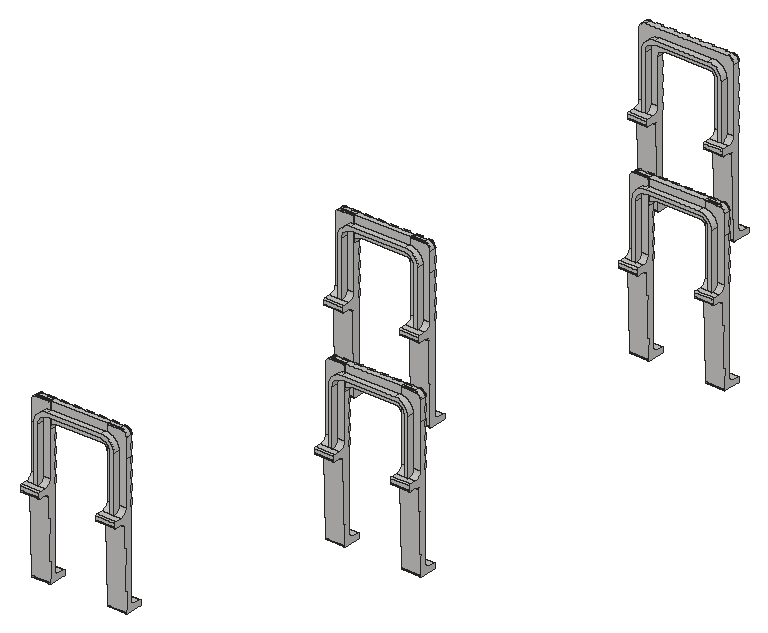
Revit family "TSF‐___‐DSD‐IRON‐SI_B0 (LOD500)", category Generic Models, host Face, Revit 2018
Family settings
  Host = Face
  Can host rebar = No
  Round Connector Dimension = Use Diameter
  Part Type = Normal
  Cut with Voids When Loaded = No
  Shared = No
  Room Calculation Point = No
Parameters (values of type "Left Hand Side")
  RHS = no
  NumberofRHS1 [instance] = (MinDepth - 650 mm) / 600 mm  # 2
  NumberofRHS [instance] = (MDepth - 650 mm) / 600 mm + 1  # 3
  NumberofLHS-1 [instance] = (MinDepth - 650 mm) / 600 mm  # 2
  NumberofLHS [instance] = (MDepth - 650 mm) / 600 mm + 1  # 3
  MDepth [instance] = MinDepth - 300 mm  # 1550 mm
  LHS = yes
  MinDepth [instance] = if(Depth < 1800 mm, 1800 mm, if(Depth > 5000 mm, 5000 mm, Depth))  # 1850 mm
  Depth [instance] = 1850 mm
  Default Elevation = 1219.2 mm
  DSD.Com.Material = "Stainless Steel"
  DSD.Com.Installed Date [instance] = "01/05/2019"
  DSD.Com.Commission Date [instance] = "01/01/2018"
  DSD.Com.CAT Code = "TSF"
  DSD.Com.Asset Code [instance] = ""
Reference planes
  plane 1 "Center (Front/Back)": y = 0
  plane 2: z = 0
  plane 3 "Center (Left/Right)": x = 0
  plane 4: x = 100
  plane 5 "LHS": x = -100
  plane 6 "Thickness": y = -8
Forms (mm)
  Extrusion 1, solid, material "Stainless Steel", visible <- "RHS"
    sketch origin (175, -8, 0) x (0, 0, 1) y (1, 0, 0)
      loop
        line (97, 63) -> (0, 63) -> (0, 57) -> (97, 57)
        arc (97, 57) -> (107.607, 52.607) -> (112, 42) r 15
        line (112, 42) -> (112, -42)
        arc (112, -42) -> (107.607, -52.607) -> (97, -57) r 15
        line (97, -57) -> (0, -57) -> (0, -63) -> (97, -63)
        arc (97, -63) -> (111.849, -56.849) -> (118, -42) r 21
        line (118, -42) -> (118, 42)
        arc (118, 42) -> (111.849, 56.849) -> (97, 63) r 21
    from -10 to 0
  Extrusion 2, solid, material "Stainless Steel", visible <- "RHS"
    sketch origin (175, -8, 0) x (0, 0, 1) y (1, 0, 0)
      loop
        line (20, 75) -> (20, 73.5)
        arc (20, 73.5) -> (20.146, 73.146) -> (20.5, 73) r 0.5
        line (20.5, 73) -> (29.5, 73)
        arc (29.5, 73) -> (29.854, 73.146) -> (30, 73.5) r 0.5
        line (30, 73.5) -> (30, 75) -> (20, 75)
      loop
        line (40, 75) -> (40, 73.5)
        arc (40, 73.5) -> (40.146, 73.146) -> (40.5, 73) r 0.5
        line (40.5, 73) -> (49.5, 73)
        arc (49.5, 73) -> (49.854, 73.146) -> (50, 73.5) r 0.5
        line (50, 73.5) -> (50, 75) -> (40, 75)
      loop
        line (60, 75) -> (60, 73.5)
        arc (60, 73.5) -> (60.146, 73.146) -> (60.5, 73) r 0.5
        line (60.5, 73) -> (69.5, 73)
        arc (69.5, 73) -> (69.854, 73.146) -> (70, 73.5) r 0.5
        line (70, 73.5) -> (70, 75) -> (60, 75)
      loop
        line (80, 75) -> (80, 73.5)
        arc (80, 73.5) -> (80.146, 73.146) -> (80.5, 73) r 0.5
        line (80.5, 73) -> (89.492, 73)
        arc (89.492, 73) -> (89.851, 73.149) -> (90, 73.508) r 0.508
        line (90, 73.508) -> (90, 75) -> (80, 75)
      loop
        line (100, 75) -> (100, 73.5)
        arc (100, 73.5) -> (100.146, 73.146) -> (100.5, 73) r 0.5
        line (100.5, 73) -> (109.5, 73)
        arc (109.5, 73) -> (109.854, 73.146) -> (110, 73.5) r 0.5
        line (110, 73.5) -> (110, 75) -> (100, 75)
      loop
        arc (120, 73.528) -> (120.148, 73.155) -> (120.511, 72.984) r 0.546
        arc (120.511, 72.984) -> (125.835, 70.473) -> (128, 65) r 8
        line (128, 65) -> (130, 65)
        arc (130, 65) -> (127.071, 72.071) -> (120, 75) r 10
        line (120, 75) -> (120, 73.528)
      loop
        line (130, 45) -> (130, 55) -> (128.5, 55)
        arc (128.5, 55) -> (128.146, 54.854) -> (128, 54.5) r 0.5
        line (128, 54.5) -> (128, 45.5)
        arc (128, 45.5) -> (128.146, 45.146) -> (128.5, 45) r 0.5
        line (128.5, 45) -> (130, 45)
      loop
        line (130, 25) -> (130, 35) -> (128.5, 35)
        arc (128.5, 35) -> (128.146, 34.854) -> (128, 34.5) r 0.5
        line (128, 34.5) -> (128, 25.5)
        arc (128, 25.5) -> (128.146, 25.146) -> (128.5, 25) r 0.5
        line (128.5, 25) -> (130, 25)
      loop
        line (130, 5) -> (130, 15) -> (128.5, 15)
        arc (128.5, 15) -> (128.146, 14.854) -> (128, 14.5) r 0.5
        line (128, 14.5) -> (128, 5.5)
        arc (128, 5.5) -> (128.146, 5.146) -> (128.5, 5) r 0.5
        line (128.5, 5) -> (130, 5)
      loop
        line (130, -15) -> (130, -5) -> (128.5, -5)
        arc (128.5, -5) -> (128.146, -5.146) -> (128, -5.5) r 0.5
        line (128, -5.5) -> (128, -14.5)
        arc (128, -14.5) -> (128.146, -14.854) -> (128.5, -15) r 0.5
        line (128.5, -15) -> (130, -15)
      loop
        line (130, -35) -> (130, -25) -> (128.5, -25)
        arc (128.5, -25) -> (128.146, -25.146) -> (128, -25.5) r 0.5
        line (128, -25.5) -> (128, -34.5)
        arc (128, -34.5) -> (128.146, -34.854) -> (128.5, -35) r 0.5
        line (128.5, -35) -> (130, -35)
      loop
        line (130, -55) -> (130, -45) -> (128.5, -45)
        arc (128.5, -45) -> (128.146, -45.146) -> (128, -45.5) r 0.5
        line (128, -45.5) -> (128, -54.5)
        arc (128, -54.5) -> (128.146, -54.854) -> (128.5, -55) r 0.5
        line (128.5, -55) -> (130, -55)
      loop
        line (120, -73.508) -> (120, -75)
        arc (120, -75) -> (127.071, -72.071) -> (130, -65) r 10
        line (130, -65) -> (128.515, -65)
        arc (128.515, -65) -> (128.151, -65.144) -> (127.984, -65.499) r 0.532
        arc (127.984, -65.499) -> (125.655, -70.659) -> (120.492, -72.985) r 8
        arc (120.492, -72.985) -> (120.142, -73.149) -> (120, -73.508) r 0.525
      loop
        line (100, -75) -> (110, -75) -> (110, -73.5)
        arc (110, -73.5) -> (109.854, -73.146) -> (109.5, -73) r 0.5
        line (109.5, -73) -> (100.5, -73)
        arc (100.5, -73) -> (100.146, -73.146) -> (100, -73.5) r 0.5
        line (100, -73.5) -> (100, -75)
      loop
        line (80, -75) -> (90, -75) -> (90, -73.5)
        arc (90, -73.5) -> (89.854, -73.146) -> (89.5, -73) r 0.5
        line (89.5, -73) -> (80.5, -73)
        arc (80.5, -73) -> (80.146, -73.146) -> (80, -73.5) r 0.5
        line (80, -73.5) -> (80, -75)
      loop
        line (60, -75) -> (71.013, -75) -> (71.013, -73.5)
        arc (71.013, -73.5) -> (70.866, -73.146) -> (70.513, -73) r 0.5
        line (70.513, -73) -> (60.5, -73)
        arc (60.5, -73) -> (60.146, -73.146) -> (60, -73.5) r 0.5
        line (60, -73.5) -> (60, -75)
      loop
        line (40, -75) -> (50, -75) -> (50, -73.5)
        arc (50, -73.5) -> (49.854, -73.146) -> (49.5, -73) r 0.5
        line (49.5, -73) -> (40.5, -73)
        arc (40.5, -73) -> (40.146, -73.146) -> (40, -73.5) r 0.5
        line (40, -73.5) -> (40, -75)
      loop
        line (20, -75) -> (30, -75) -> (30, -73.5)
        arc (30, -73.5) -> (29.854, -73.146) -> (29.5, -73) r 0.5
        line (29.5, -73) -> (20.5, -73)
        arc (20.5, -73) -> (20.146, -73.146) -> (20, -73.5) r 0.5
        line (20, -73.5) -> (20, -75)
      loop
        line (10, -47) -> (19.5, -47)
        arc (19.5, -47) -> (19.854, -46.854) -> (20, -46.5) r 0.5
        line (20, -46.5) -> (20, -45) -> (10, -45) -> (10, -47)
      loop
        line (30, -45) -> (30, -46.5)
        arc (30, -46.5) -> (30.146, -46.854) -> (30.5, -47) r 0.5
        line (30.5, -47) -> (39.5, -47)
        arc (39.5, -47) -> (39.854, -46.854) -> (40, -46.5) r 0.5
        line (40, -46.5) -> (40, -45) -> (30, -45)
      loop
        line (50, -45) -> (50, -46.5)
        arc (50, -46.5) -> (50.146, -46.854) -> (50.5, -47) r 0.5
        line (50.5, -47) -> (59.5, -47)
        arc (59.5, -47) -> (59.854, -46.854) -> (60, -46.5) r 0.5
        line (60, -46.5) -> (60, -45) -> (50, -45)
      loop
        line (71.097, -45) -> (71.097, -46.5)
        arc (71.097, -46.5) -> (71.244, -46.854) -> (71.597, -47) r 0.5
        line (71.597, -47) -> (79.5, -47)
        arc (79.5, -47) -> (79.854, -46.854) -> (80, -46.5) r 0.5
        line (80, -46.5) -> (80, -45) -> (71.097, -45)
      loop
        arc (95.528, -45.651) -> (95.774, -45.36) -> (95.746, -44.98) r 0.502
        line (95.746, -44.98) -> (95.067, -43.621)
        arc (95.067, -43.621) -> (92.626, -44.649) -> (90, -45) r 10
        line (90, -45) -> (90, -46.489)
        arc (90, -46.489) -> (90.154, -46.85) -> (90.522, -46.989) r 0.5
        arc (90.522, -46.989) -> (93.098, -46.593) -> (95.528, -45.651) r 12
      loop
        arc (100, -35) -> (99.671, -37.543) -> (98.707, -39.918) r 10
        line (98.707, -39.918) -> (100.107, -40.519)
        arc (100.107, -40.519) -> (100.494, -40.529) -> (100.781, -40.269) r 0.521
        arc (100.781, -40.269) -> (101.63, -37.958) -> (101.989, -35.522) r 12
        arc (101.989, -35.522) -> (101.85, -35.154) -> (101.489, -35) r 0.5
        line (101.489, -35) -> (100, -35)
      loop
        line (100, -25) -> (101.5, -25)
        arc (101.5, -25) -> (101.854, -24.854) -> (102, -24.5) r 0.5
        line (102, -24.5) -> (102, -15.5)
        arc (102, -15.5) -> (101.854, -15.146) -> (101.5, -15) r 0.5
        line (101.5, -15) -> (100, -15) -> (100, -25)
      loop
        line (100, -5) -> (101.5, -5)
        arc (101.5, -5) -> (101.854, -4.854) -> (102, -4.5) r 0.5
        line (102, -4.5) -> (102, 4.5)
        arc (102, 4.5) -> (101.854, 4.854) -> (101.5, 5) r 0.5
        line (101.5, 5) -> (100, 5) -> (100, -5)
      loop
        line (100, 15) -> (101.5, 15)
        arc (101.5, 15) -> (101.854, 15.146) -> (102, 15.5) r 0.5
        line (102, 15.5) -> (102, 24.5)
        arc (102, 24.5) -> (101.854, 24.854) -> (101.5, 25) r 0.5
        line (101.5, 25) -> (100, 25) -> (100, 15)
      loop
        line (10, 47) -> (10, 45) -> (20, 45) -> (20, 46.5)
        arc (20, 46.5) -> (19.854, 46.854) -> (19.5, 47) r 0.5
        line (19.5, 47) -> (10, 47)
      loop
        line (30, 45) -> (40, 45) -> (40, 46.5)
        arc (40, 46.5) -> (39.854, 46.854) -> (39.5, 47) r 0.5
        line (39.5, 47) -> (30.5, 47)
        arc (30.5, 47) -> (30.146, 46.854) -> (30, 46.5) r 0.5
        line (30, 46.5) -> (30, 45)
      loop
        line (50, 45) -> (60, 45) -> (60, 46.5)
        arc (60, 46.5) -> (59.854, 46.854) -> (59.5, 47) r 0.5
        line (59.5, 47) -> (50.5, 47)
        arc (50.5, 47) -> (50.146, 46.854) -> (50, 46.5) r 0.5
        line (50, 46.5) -> (50, 45)
      loop
        line (70, 45) -> (80, 45) -> (80, 46.5)
        arc (80, 46.5) -> (79.854, 46.854) -> (79.5, 47) r 0.5
        line (79.5, 47) -> (70.5, 47)
        arc (70.5, 47) -> (70.146, 46.854) -> (70, 46.5) r 0.5
        line (70, 46.5) -> (70, 45)
      loop
        arc (100.495, 40.818) -> (100.182, 41.061) -> (99.79, 41.004) r 0.505
        line (99.79, 41.004) -> (98.525, 40.228)
        arc (98.525, 40.228) -> (99.624, 37.716) -> (100, 35) r 10
        line (100, 35) -> (101.489, 35)
        arc (101.489, 35) -> (101.85, 35.154) -> (101.989, 35.522) r 0.5
        arc (101.989, 35.522) -> (101.55, 38.257) -> (100.495, 40.818) r 12
      loop
        arc (90, 45) -> (92.484, 44.687) -> (94.812, 43.766) r 10
        line (94.812, 43.766) -> (95.62, 44.978)
        arc (95.62, 44.978) -> (95.687, 45.382) -> (95.43, 45.701) r 0.5
        arc (95.43, 45.701) -> (93.045, 46.607) -> (90.522, 46.989) r 12
        arc (90.522, 46.989) -> (90.154, 46.85) -> (90, 46.489) r 0.5
        line (90, 46.489) -> (90, 45)
    from 8 to 10
  Extrusion 3, solid, material "Stainless Steel", visible <- "RHS"
    sketch origin (175, -8, 0) x (0, 0, 1) y (0, 1, 0)
      loop
        arc (-130, 1.939) -> (-129.436, 0.547) -> (-128.061, -0.06) r 2
        line (-128.061, -0.06) -> (-4.791, -3.851)
        arc (-4.791, -3.851) -> (-1.391, -5.385) -> (0, -8.846) r 5
        line (0, -8.846) -> (0, -20)
        arc (0, -20) -> (0.586, -21.414) -> (2, -22) r 2
        line (2, -22) -> (8, -22)
        arc (8, -22) -> (9.414, -21.414) -> (10, -20) r 2
        line (10, -20) -> (10, -10)
        arc (10, -10) -> (12.929, -2.929) -> (20, 0) r 10
        line (20, 0) -> (128, 0)
        arc (128, 0) -> (129.414, 0.586) -> (130, 2) r 2
        line (130, 2) -> (130, 8) -> (6.433, 8) -> (-112.761, 8)
        arc (-112.761, 8) -> (-118.129, 10.068) -> (-120.721, 15.204) r 8
        line (-120.721, 15.204) -> (-121.91, 27.099)
        arc (-121.91, 27.099) -> (-122.234, 27.741) -> (-122.905, 28) r 1
        line (-122.905, 28) -> (-129, 28)
        arc (-129, 28) -> (-129.707, 27.707) -> (-130, 27) r 1
        line (-130, 27) -> (-130, 1.939)
    from 45 to 75
  Extrusion 4, solid, material "Stainless Steel", visible <- "RHS"
    sketch origin (295, -8, 0) x (0, 0, 1) y (0, 1, 0)
      loop
        arc (-130, 1.939) -> (-129.436, 0.547) -> (-128.061, -0.06) r 2
        line (-128.061, -0.06) -> (-4.791, -3.851)
        arc (-4.791, -3.851) -> (-1.391, -5.385) -> (0, -8.846) r 5
        line (0, -8.846) -> (0, -20)
        arc (0, -20) -> (0.586, -21.414) -> (2, -22) r 2
        line (2, -22) -> (8, -22)
        arc (8, -22) -> (9.414, -21.414) -> (10, -20) r 2
        line (10, -20) -> (10, -10)
        arc (10, -10) -> (12.929, -2.929) -> (20, 0) r 10
        line (20, 0) -> (128, 0)
        arc (128, 0) -> (129.414, 0.586) -> (130, 2) r 2
        line (130, 2) -> (130, 8) -> (6.433, 8) -> (-112.761, 8)
        arc (-112.761, 8) -> (-118.129, 10.068) -> (-120.721, 15.204) r 8
        line (-120.721, 15.204) -> (-121.91, 27.099)
        arc (-121.91, 27.099) -> (-122.234, 27.741) -> (-122.905, 28) r 1
        line (-122.905, 28) -> (-129, 28)
        arc (-129, 28) -> (-129.707, 27.707) -> (-130, 27) r 1
        line (-130, 27) -> (-130, 1.939)
    from 45 to 75
  Extrusion 5, solid, material "Stainless Steel", visible <- "RHS"
    sketch origin (175, -8, 0) x (0, 0, 1) y (1, 0, 0)
      loop
        arc (90, 45) -> (97.071, 42.071) -> (100, 35) r 10
        line (100, 35) -> (100, -35)
        arc (100, -35) -> (97.071, -42.071) -> (90, -45) r 10
        line (90, -45) -> (90, -75) -> (120, -75)
        arc (120, -75) -> (127.071, -72.071) -> (130, -65) r 10
        line (130, -65) -> (130, 65)
        arc (130, 65) -> (127.071, 72.071) -> (120, 75) r 10
        line (120, 75) -> (90, 75) -> (90, 45)
    from 0 to 8
  Extrusion 6, void
    sketch origin (175, -8, 0) x (0, 0, 1) y (1, 0, 0)
      loop
        line (130, 65) -> (130, 75) -> (120, 75)
        arc (120, 75) -> (127.071, 72.071) -> (130, 65) r 10
      loop
        line (120, -75) -> (130, -75) -> (130, -65)
        arc (130, -65) -> (127.071, -72.071) -> (120, -75) r 10
    from 0 to 8
  Extrusion 7, solid, material "Stainless Steel", visible <- "LHS"
    sketch origin (-175, -8, 0) x (0, 0, 1) y (1, 0, 0)
      loop
        line (97, 63) -> (0, 63) -> (0, 57) -> (97, 57)
        arc (97, 57) -> (107.607, 52.607) -> (112, 42) r 15
        line (112, 42) -> (112, -42)
        arc (112, -42) -> (107.607, -52.607) -> (97, -57) r 15
        line (97, -57) -> (0, -57) -> (0, -63) -> (97, -63)
        arc (97, -63) -> (111.849, -56.849) -> (118, -42) r 21
        line (118, -42) -> (118, 42)
        arc (118, 42) -> (111.849, 56.849) -> (97, 63) r 21
    from -10 to 0
  Extrusion 8, solid, material "Stainless Steel", visible <- "LHS"
    sketch origin (-175, -8, 0) x (0, 0, 1) y (1, 0, 0)
      loop
        line (20, 75) -> (20, 73.5)
        arc (20, 73.5) -> (20.146, 73.146) -> (20.5, 73) r 0.5
        line (20.5, 73) -> (29.5, 73)
        arc (29.5, 73) -> (29.854, 73.146) -> (30, 73.5) r 0.5
        line (30, 73.5) -> (30, 75) -> (20, 75)
      loop
        line (40, 75) -> (40, 73.5)
        arc (40, 73.5) -> (40.146, 73.146) -> (40.5, 73) r 0.5
        line (40.5, 73) -> (49.5, 73)
        arc (49.5, 73) -> (49.854, 73.146) -> (50, 73.5) r 0.5
        line (50, 73.5) -> (50, 75) -> (40, 75)
      loop
        line (60, 75) -> (60, 73.5)
        arc (60, 73.5) -> (60.146, 73.146) -> (60.5, 73) r 0.5
        line (60.5, 73) -> (69.5, 73)
        arc (69.5, 73) -> (69.854, 73.146) -> (70, 73.5) r 0.5
        line (70, 73.5) -> (70, 75) -> (60, 75)
      loop
        line (80, 75) -> (80, 73.5)
        arc (80, 73.5) -> (80.146, 73.146) -> (80.5, 73) r 0.5
        line (80.5, 73) -> (89.492, 73)
        arc (89.492, 73) -> (89.851, 73.149) -> (90, 73.508) r 0.508
        line (90, 73.508) -> (90, 75) -> (80, 75)
      loop
        line (100, 75) -> (100, 73.5)
        arc (100, 73.5) -> (100.146, 73.146) -> (100.5, 73) r 0.5
        line (100.5, 73) -> (109.5, 73)
        arc (109.5, 73) -> (109.854, 73.146) -> (110, 73.5) r 0.5
        line (110, 73.5) -> (110, 75) -> (100, 75)
      loop
        arc (120, 73.528) -> (120.148, 73.155) -> (120.511, 72.984) r 0.546
        arc (120.511, 72.984) -> (125.835, 70.473) -> (128, 65) r 8
        line (128, 65) -> (130, 65)
        arc (130, 65) -> (127.071, 72.071) -> (120, 75) r 10
        line (120, 75) -> (120, 73.528)
      loop
        line (130, 45) -> (130, 55) -> (128.5, 55)
        arc (128.5, 55) -> (128.146, 54.854) -> (128, 54.5) r 0.5
        line (128, 54.5) -> (128, 45.5)
        arc (128, 45.5) -> (128.146, 45.146) -> (128.5, 45) r 0.5
        line (128.5, 45) -> (130, 45)
      loop
        line (130, 25) -> (130, 35) -> (128.5, 35)
        arc (128.5, 35) -> (128.146, 34.854) -> (128, 34.5) r 0.5
        line (128, 34.5) -> (128, 25.5)
        arc (128, 25.5) -> (128.146, 25.146) -> (128.5, 25) r 0.5
        line (128.5, 25) -> (130, 25)
      loop
        line (130, 5) -> (130, 15) -> (128.5, 15)
        arc (128.5, 15) -> (128.146, 14.854) -> (128, 14.5) r 0.5
        line (128, 14.5) -> (128, 5.5)
        arc (128, 5.5) -> (128.146, 5.146) -> (128.5, 5) r 0.5
        line (128.5, 5) -> (130, 5)
      loop
        line (130, -15) -> (130, -5) -> (128.5, -5)
        arc (128.5, -5) -> (128.146, -5.146) -> (128, -5.5) r 0.5
        line (128, -5.5) -> (128, -14.5)
        arc (128, -14.5) -> (128.146, -14.854) -> (128.5, -15) r 0.5
        line (128.5, -15) -> (130, -15)
      loop
        line (130, -35) -> (130, -25) -> (128.5, -25)
        arc (128.5, -25) -> (128.146, -25.146) -> (128, -25.5) r 0.5
        line (128, -25.5) -> (128, -34.5)
        arc (128, -34.5) -> (128.146, -34.854) -> (128.5, -35) r 0.5
        line (128.5, -35) -> (130, -35)
      loop
        line (130, -55) -> (130, -45) -> (128.5, -45)
        arc (128.5, -45) -> (128.146, -45.146) -> (128, -45.5) r 0.5
        line (128, -45.5) -> (128, -54.5)
        arc (128, -54.5) -> (128.146, -54.854) -> (128.5, -55) r 0.5
        line (128.5, -55) -> (130, -55)
      loop
        line (120, -73.508) -> (120, -75)
        arc (120, -75) -> (127.071, -72.071) -> (130, -65) r 10
        line (130, -65) -> (128.515, -65)
        arc (128.515, -65) -> (128.151, -65.144) -> (127.984, -65.499) r 0.532
        arc (127.984, -65.499) -> (125.655, -70.659) -> (120.492, -72.985) r 8
        arc (120.492, -72.985) -> (120.142, -73.149) -> (120, -73.508) r 0.525
      loop
        line (100, -75) -> (110, -75) -> (110, -73.5)
        arc (110, -73.5) -> (109.854, -73.146) -> (109.5, -73) r 0.5
        line (109.5, -73) -> (100.5, -73)
        arc (100.5, -73) -> (100.146, -73.146) -> (100, -73.5) r 0.5
        line (100, -73.5) -> (100, -75)
      loop
        line (80, -75) -> (90, -75) -> (90, -73.5)
        arc (90, -73.5) -> (89.854, -73.146) -> (89.5, -73) r 0.5
        line (89.5, -73) -> (80.5, -73)
        arc (80.5, -73) -> (80.146, -73.146) -> (80, -73.5) r 0.5
        line (80, -73.5) -> (80, -75)
      loop
        line (60, -75) -> (71.013, -75) -> (71.013, -73.5)
        arc (71.013, -73.5) -> (70.866, -73.146) -> (70.513, -73) r 0.5
        line (70.513, -73) -> (60.5, -73)
        arc (60.5, -73) -> (60.146, -73.146) -> (60, -73.5) r 0.5
        line (60, -73.5) -> (60, -75)
      loop
        line (40, -75) -> (50, -75) -> (50, -73.5)
        arc (50, -73.5) -> (49.854, -73.146) -> (49.5, -73) r 0.5
        line (49.5, -73) -> (40.5, -73)
        arc (40.5, -73) -> (40.146, -73.146) -> (40, -73.5) r 0.5
        line (40, -73.5) -> (40, -75)
      loop
        line (20, -75) -> (30, -75) -> (30, -73.5)
        arc (30, -73.5) -> (29.854, -73.146) -> (29.5, -73) r 0.5
        line (29.5, -73) -> (20.5, -73)
        arc (20.5, -73) -> (20.146, -73.146) -> (20, -73.5) r 0.5
        line (20, -73.5) -> (20, -75)
      loop
        line (10, -47) -> (19.5, -47)
        arc (19.5, -47) -> (19.854, -46.854) -> (20, -46.5) r 0.5
        line (20, -46.5) -> (20, -45) -> (10, -45) -> (10, -47)
      loop
        line (30, -45) -> (30, -46.5)
        arc (30, -46.5) -> (30.146, -46.854) -> (30.5, -47) r 0.5
        line (30.5, -47) -> (39.5, -47)
        arc (39.5, -47) -> (39.854, -46.854) -> (40, -46.5) r 0.5
        line (40, -46.5) -> (40, -45) -> (30, -45)
      loop
        line (50, -45) -> (50, -46.5)
        arc (50, -46.5) -> (50.146, -46.854) -> (50.5, -47) r 0.5
        line (50.5, -47) -> (59.5, -47)
        arc (59.5, -47) -> (59.854, -46.854) -> (60, -46.5) r 0.5
        line (60, -46.5) -> (60, -45) -> (50, -45)
      loop
        line (71.097, -45) -> (71.097, -46.5)
        arc (71.097, -46.5) -> (71.244, -46.854) -> (71.597, -47) r 0.5
        line (71.597, -47) -> (79.5, -47)
        arc (79.5, -47) -> (79.854, -46.854) -> (80, -46.5) r 0.5
        line (80, -46.5) -> (80, -45) -> (71.097, -45)
      loop
        arc (95.528, -45.651) -> (95.774, -45.36) -> (95.746, -44.98) r 0.502
        line (95.746, -44.98) -> (95.067, -43.621)
        arc (95.067, -43.621) -> (92.626, -44.649) -> (90, -45) r 10
        line (90, -45) -> (90, -46.489)
        arc (90, -46.489) -> (90.154, -46.85) -> (90.522, -46.989) r 0.5
        arc (90.522, -46.989) -> (93.098, -46.593) -> (95.528, -45.651) r 12
      loop
        arc (100, -35) -> (99.671, -37.543) -> (98.707, -39.918) r 10
        line (98.707, -39.918) -> (100.107, -40.519)
        arc (100.107, -40.519) -> (100.494, -40.529) -> (100.781, -40.269) r 0.521
        arc (100.781, -40.269) -> (101.63, -37.958) -> (101.989, -35.522) r 12
        arc (101.989, -35.522) -> (101.85, -35.154) -> (101.489, -35) r 0.5
        line (101.489, -35) -> (100, -35)
      loop
        line (100, -25) -> (101.5, -25)
        arc (101.5, -25) -> (101.854, -24.854) -> (102, -24.5) r 0.5
        line (102, -24.5) -> (102, -15.5)
        arc (102, -15.5) -> (101.854, -15.146) -> (101.5, -15) r 0.5
        line (101.5, -15) -> (100, -15) -> (100, -25)
      loop
        line (100, -5) -> (101.5, -5)
        arc (101.5, -5) -> (101.854, -4.854) -> (102, -4.5) r 0.5
        line (102, -4.5) -> (102, 4.5)
        arc (102, 4.5) -> (101.854, 4.854) -> (101.5, 5) r 0.5
        line (101.5, 5) -> (100, 5) -> (100, -5)
      loop
        line (100, 15) -> (101.5, 15)
        arc (101.5, 15) -> (101.854, 15.146) -> (102, 15.5) r 0.5
        line (102, 15.5) -> (102, 24.5)
        arc (102, 24.5) -> (101.854, 24.854) -> (101.5, 25) r 0.5
        line (101.5, 25) -> (100, 25) -> (100, 15)
      loop
        line (10, 47) -> (10, 45) -> (20, 45) -> (20, 46.5)
        arc (20, 46.5) -> (19.854, 46.854) -> (19.5, 47) r 0.5
        line (19.5, 47) -> (10, 47)
      loop
        line (30, 45) -> (40, 45) -> (40, 46.5)
        arc (40, 46.5) -> (39.854, 46.854) -> (39.5, 47) r 0.5
        line (39.5, 47) -> (30.5, 47)
        arc (30.5, 47) -> (30.146, 46.854) -> (30, 46.5) r 0.5
        line (30, 46.5) -> (30, 45)
      loop
        line (50, 45) -> (60, 45) -> (60, 46.5)
        arc (60, 46.5) -> (59.854, 46.854) -> (59.5, 47) r 0.5
        line (59.5, 47) -> (50.5, 47)
        arc (50.5, 47) -> (50.146, 46.854) -> (50, 46.5) r 0.5
        line (50, 46.5) -> (50, 45)
      loop
        line (70, 45) -> (80, 45) -> (80, 46.5)
        arc (80, 46.5) -> (79.854, 46.854) -> (79.5, 47) r 0.5
        line (79.5, 47) -> (70.5, 47)
        arc (70.5, 47) -> (70.146, 46.854) -> (70, 46.5) r 0.5
        line (70, 46.5) -> (70, 45)
      loop
        arc (100.495, 40.818) -> (100.182, 41.061) -> (99.79, 41.004) r 0.505
        line (99.79, 41.004) -> (98.525, 40.228)
        arc (98.525, 40.228) -> (99.624, 37.716) -> (100, 35) r 10
        line (100, 35) -> (101.489, 35)
        arc (101.489, 35) -> (101.85, 35.154) -> (101.989, 35.522) r 0.5
        arc (101.989, 35.522) -> (101.55, 38.257) -> (100.495, 40.818) r 12
      loop
        arc (90, 45) -> (92.484, 44.687) -> (94.812, 43.766) r 10
        line (94.812, 43.766) -> (95.62, 44.978)
        arc (95.62, 44.978) -> (95.687, 45.382) -> (95.43, 45.701) r 0.5
        arc (95.43, 45.701) -> (93.045, 46.607) -> (90.522, 46.989) r 12
        arc (90.522, 46.989) -> (90.154, 46.85) -> (90, 46.489) r 0.5
        line (90, 46.489) -> (90, 45)
    from 8 to 10
  Extrusion 9, solid, material "Stainless Steel", visible <- "LHS"
    sketch origin (-175, -8, 0) x (0, 0, 1) y (0, 1, 0)
      loop
        arc (-130, 1.939) -> (-129.436, 0.547) -> (-128.061, -0.06) r 2
        line (-128.061, -0.06) -> (-4.791, -3.851)
        arc (-4.791, -3.851) -> (-1.391, -5.385) -> (0, -8.846) r 5
        line (0, -8.846) -> (0, -20)
        arc (0, -20) -> (0.586, -21.414) -> (2, -22) r 2
        line (2, -22) -> (8, -22)
        arc (8, -22) -> (9.414, -21.414) -> (10, -20) r 2
        line (10, -20) -> (10, -10)
        arc (10, -10) -> (12.929, -2.929) -> (20, 0) r 10
        line (20, 0) -> (128, 0)
        arc (128, 0) -> (129.414, 0.586) -> (130, 2) r 2
        line (130, 2) -> (130, 8) -> (6.433, 8) -> (-112.761, 8)
        arc (-112.761, 8) -> (-118.129, 10.068) -> (-120.721, 15.204) r 8
        line (-120.721, 15.204) -> (-121.91, 27.099)
        arc (-121.91, 27.099) -> (-122.234, 27.741) -> (-122.905, 28) r 1
        line (-122.905, 28) -> (-129, 28)
        arc (-129, 28) -> (-129.707, 27.707) -> (-130, 27) r 1
        line (-130, 27) -> (-130, 1.939)
    from 45 to 75
  Extrusion 10, solid, material "Stainless Steel", visible <- "LHS"
    sketch origin (-55, -8, 0) x (0, 0, 1) y (0, 1, 0)
      loop
        arc (-130, 1.939) -> (-129.436, 0.547) -> (-128.061, -0.06) r 2
        line (-128.061, -0.06) -> (-4.791, -3.851)
        arc (-4.791, -3.851) -> (-1.391, -5.385) -> (0, -8.846) r 5
        line (0, -8.846) -> (0, -20)
        arc (0, -20) -> (0.586, -21.414) -> (2, -22) r 2
        line (2, -22) -> (8, -22)
        arc (8, -22) -> (9.414, -21.414) -> (10, -20) r 2
        line (10, -20) -> (10, -10)
        arc (10, -10) -> (12.929, -2.929) -> (20, 0) r 10
        line (20, 0) -> (128, 0)
        arc (128, 0) -> (129.414, 0.586) -> (130, 2) r 2
        line (130, 2) -> (130, 8) -> (6.433, 8) -> (-112.761, 8)
        arc (-112.761, 8) -> (-118.129, 10.068) -> (-120.721, 15.204) r 8
        line (-120.721, 15.204) -> (-121.91, 27.099)
        arc (-121.91, 27.099) -> (-122.234, 27.741) -> (-122.905, 28) r 1
        line (-122.905, 28) -> (-129, 28)
        arc (-129, 28) -> (-129.707, 27.707) -> (-130, 27) r 1
        line (-130, 27) -> (-130, 1.939)
    from 45 to 75
  Extrusion 11, solid, material "Stainless Steel", visible <- "LHS"
    sketch origin (-175, -8, 0) x (0, 0, 1) y (1, 0, 0)
      loop
        arc (90, 45) -> (97.071, 42.071) -> (100, 35) r 10
        line (100, 35) -> (100, -35)
        arc (100, -35) -> (97.071, -42.071) -> (90, -45) r 10
        line (90, -45) -> (90, -75) -> (120, -75)
        arc (120, -75) -> (127.071, -72.071) -> (130, -65) r 10
        line (130, -65) -> (130, 65)
        arc (130, 65) -> (127.071, 72.071) -> (120, 75) r 10
        line (120, 75) -> (90, 75) -> (90, 45)
    from 0 to 8
  Extrusion 12, void
    sketch origin (-175, -8, 0) x (0, 0, 1) y (1, 0, 0)
      loop
        line (130, 65) -> (130, 75) -> (120, 75)
        arc (120, 75) -> (127.071, 72.071) -> (130, 65) r 10
      loop
        line (120, -75) -> (130, -75) -> (130, -65)
        arc (130, -65) -> (127.071, -72.071) -> (120, -75) r 10
    from 0 to 8
  Extrusion 13, solid, material "Stainless Steel", visible <- "LHS"
    sketch origin (50, -308, 0) x (0, 0, 1) y (1, 0, 0)
      loop
        line (97, 63) -> (0, 63) -> (0, 57) -> (97, 57)
        arc (97, 57) -> (107.607, 52.607) -> (112, 42) r 15
        line (112, 42) -> (112, -42)
        arc (112, -42) -> (107.607, -52.607) -> (97, -57) r 15
        line (97, -57) -> (0, -57) -> (0, -63) -> (97, -63)
        arc (97, -63) -> (111.849, -56.849) -> (118, -42) r 21
        line (118, -42) -> (118, 42)
        arc (118, 42) -> (111.849, 56.849) -> (97, 63) r 21
    from -10 to 0
  Extrusion 14, solid, material "Stainless Steel", visible <- "LHS"
    sketch origin (50, -308, 0) x (0, 0, 1) y (1, 0, 0)
      loop
        line (20, 75) -> (20, 73.5)
        arc (20, 73.5) -> (20.146, 73.146) -> (20.5, 73) r 0.5
        line (20.5, 73) -> (29.5, 73)
        arc (29.5, 73) -> (29.854, 73.146) -> (30, 73.5) r 0.5
        line (30, 73.5) -> (30, 75) -> (20, 75)
      loop
        line (40, 75) -> (40, 73.5)
        arc (40, 73.5) -> (40.146, 73.146) -> (40.5, 73) r 0.5
        line (40.5, 73) -> (49.5, 73)
        arc (49.5, 73) -> (49.854, 73.146) -> (50, 73.5) r 0.5
        line (50, 73.5) -> (50, 75) -> (40, 75)
      loop
        line (60, 75) -> (60, 73.5)
        arc (60, 73.5) -> (60.146, 73.146) -> (60.5, 73) r 0.5
        line (60.5, 73) -> (69.5, 73)
        arc (69.5, 73) -> (69.854, 73.146) -> (70, 73.5) r 0.5
        line (70, 73.5) -> (70, 75) -> (60, 75)
      loop
        line (80, 75) -> (80, 73.5)
        arc (80, 73.5) -> (80.146, 73.146) -> (80.5, 73) r 0.5
        line (80.5, 73) -> (89.492, 73)
        arc (89.492, 73) -> (89.851, 73.149) -> (90, 73.508) r 0.508
        line (90, 73.508) -> (90, 75) -> (80, 75)
      loop
        line (100, 75) -> (100, 73.5)
        arc (100, 73.5) -> (100.146, 73.146) -> (100.5, 73) r 0.5
        line (100.5, 73) -> (109.5, 73)
        arc (109.5, 73) -> (109.854, 73.146) -> (110, 73.5) r 0.5
        line (110, 73.5) -> (110, 75) -> (100, 75)
      loop
        arc (120, 73.528) -> (120.148, 73.155) -> (120.511, 72.984) r 0.546
        arc (120.511, 72.984) -> (125.835, 70.473) -> (128, 65) r 8
        line (128, 65) -> (130, 65)
        arc (130, 65) -> (127.071, 72.071) -> (120, 75) r 10
        line (120, 75) -> (120, 73.528)
      loop
        line (130, 45) -> (130, 55) -> (128.5, 55)
        arc (128.5, 55) -> (128.146, 54.854) -> (128, 54.5) r 0.5
        line (128, 54.5) -> (128, 45.5)
        arc (128, 45.5) -> (128.146, 45.146) -> (128.5, 45) r 0.5
        line (128.5, 45) -> (130, 45)
      loop
        line (130, 25) -> (130, 35) -> (128.5, 35)
        arc (128.5, 35) -> (128.146, 34.854) -> (128, 34.5) r 0.5
        line (128, 34.5) -> (128, 25.5)
        arc (128, 25.5) -> (128.146, 25.146) -> (128.5, 25) r 0.5
        line (128.5, 25) -> (130, 25)
      loop
        line (130, 5) -> (130, 15) -> (128.5, 15)
        arc (128.5, 15) -> (128.146, 14.854) -> (128, 14.5) r 0.5
        line (128, 14.5) -> (128, 5.5)
        arc (128, 5.5) -> (128.146, 5.146) -> (128.5, 5) r 0.5
        line (128.5, 5) -> (130, 5)
      loop
        line (130, -15) -> (130, -5) -> (128.5, -5)
        arc (128.5, -5) -> (128.146, -5.146) -> (128, -5.5) r 0.5
        line (128, -5.5) -> (128, -14.5)
        arc (128, -14.5) -> (128.146, -14.854) -> (128.5, -15) r 0.5
        line (128.5, -15) -> (130, -15)
      loop
        line (130, -35) -> (130, -25) -> (128.5, -25)
        arc (128.5, -25) -> (128.146, -25.146) -> (128, -25.5) r 0.5
        line (128, -25.5) -> (128, -34.5)
        arc (128, -34.5) -> (128.146, -34.854) -> (128.5, -35) r 0.5
        line (128.5, -35) -> (130, -35)
      loop
        line (130, -55) -> (130, -45) -> (128.5, -45)
        arc (128.5, -45) -> (128.146, -45.146) -> (128, -45.5) r 0.5
        line (128, -45.5) -> (128, -54.5)
        arc (128, -54.5) -> (128.146, -54.854) -> (128.5, -55) r 0.5
        line (128.5, -55) -> (130, -55)
      loop
        line (120, -73.508) -> (120, -75)
        arc (120, -75) -> (127.071, -72.071) -> (130, -65) r 10
        line (130, -65) -> (128.515, -65)
        arc (128.515, -65) -> (128.151, -65.144) -> (127.984, -65.499) r 0.532
        arc (127.984, -65.499) -> (125.655, -70.659) -> (120.492, -72.985) r 8
        arc (120.492, -72.985) -> (120.142, -73.149) -> (120, -73.508) r 0.525
      loop
        line (100, -75) -> (110, -75) -> (110, -73.5)
        arc (110, -73.5) -> (109.854, -73.146) -> (109.5, -73) r 0.5
        line (109.5, -73) -> (100.5, -73)
        arc (100.5, -73) -> (100.146, -73.146) -> (100, -73.5) r 0.5
        line (100, -73.5) -> (100, -75)
      loop
        line (80, -75) -> (90, -75) -> (90, -73.5)
        arc (90, -73.5) -> (89.854, -73.146) -> (89.5, -73) r 0.5
        line (89.5, -73) -> (80.5, -73)
        arc (80.5, -73) -> (80.146, -73.146) -> (80, -73.5) r 0.5
        line (80, -73.5) -> (80, -75)
      loop
        line (60, -75) -> (71.013, -75) -> (71.013, -73.5)
        arc (71.013, -73.5) -> (70.866, -73.146) -> (70.513, -73) r 0.5
        line (70.513, -73) -> (60.5, -73)
        arc (60.5, -73) -> (60.146, -73.146) -> (60, -73.5) r 0.5
        line (60, -73.5) -> (60, -75)
      loop
        line (40, -75) -> (50, -75) -> (50, -73.5)
        arc (50, -73.5) -> (49.854, -73.146) -> (49.5, -73) r 0.5
        line (49.5, -73) -> (40.5, -73)
        arc (40.5, -73) -> (40.146, -73.146) -> (40, -73.5) r 0.5
        line (40, -73.5) -> (40, -75)
      loop
        line (20, -75) -> (30, -75) -> (30, -73.5)
        arc (30, -73.5) -> (29.854, -73.146) -> (29.5, -73) r 0.5
        line (29.5, -73) -> (20.5, -73)
        arc (20.5, -73) -> (20.146, -73.146) -> (20, -73.5) r 0.5
        line (20, -73.5) -> (20, -75)
      loop
        line (10, -47) -> (19.5, -47)
        arc (19.5, -47) -> (19.854, -46.854) -> (20, -46.5) r 0.5
        line (20, -46.5) -> (20, -45) -> (10, -45) -> (10, -47)
      loop
        line (30, -45) -> (30, -46.5)
        arc (30, -46.5) -> (30.146, -46.854) -> (30.5, -47) r 0.5
        line (30.5, -47) -> (39.5, -47)
        arc (39.5, -47) -> (39.854, -46.854) -> (40, -46.5) r 0.5
        line (40, -46.5) -> (40, -45) -> (30, -45)
      loop
        line (50, -45) -> (50, -46.5)
        arc (50, -46.5) -> (50.146, -46.854) -> (50.5, -47) r 0.5
        line (50.5, -47) -> (59.5, -47)
        arc (59.5, -47) -> (59.854, -46.854) -> (60, -46.5) r 0.5
        line (60, -46.5) -> (60, -45) -> (50, -45)
      loop
        line (71.097, -45) -> (71.097, -46.5)
        arc (71.097, -46.5) -> (71.244, -46.854) -> (71.597, -47) r 0.5
        line (71.597, -47) -> (79.5, -47)
        arc (79.5, -47) -> (79.854, -46.854) -> (80, -46.5) r 0.5
        line (80, -46.5) -> (80, -45) -> (71.097, -45)
      loop
        arc (95.528, -45.651) -> (95.774, -45.36) -> (95.746, -44.98) r 0.502
        line (95.746, -44.98) -> (95.067, -43.621)
        arc (95.067, -43.621) -> (92.626, -44.649) -> (90, -45) r 10
        line (90, -45) -> (90, -46.489)
        arc (90, -46.489) -> (90.154, -46.85) -> (90.522, -46.989) r 0.5
        arc (90.522, -46.989) -> (93.098, -46.593) -> (95.528, -45.651) r 12
      loop
        arc (100, -35) -> (99.671, -37.543) -> (98.707, -39.918) r 10
        line (98.707, -39.918) -> (100.107, -40.519)
        arc (100.107, -40.519) -> (100.494, -40.529) -> (100.781, -40.269) r 0.521
        arc (100.781, -40.269) -> (101.63, -37.958) -> (101.989, -35.522) r 12
        arc (101.989, -35.522) -> (101.85, -35.154) -> (101.489, -35) r 0.5
        line (101.489, -35) -> (100, -35)
      loop
        line (100, -25) -> (101.5, -25)
        arc (101.5, -25) -> (101.854, -24.854) -> (102, -24.5) r 0.5
        line (102, -24.5) -> (102, -15.5)
        arc (102, -15.5) -> (101.854, -15.146) -> (101.5, -15) r 0.5
        line (101.5, -15) -> (100, -15) -> (100, -25)
      loop
        line (100, -5) -> (101.5, -5)
        arc (101.5, -5) -> (101.854, -4.854) -> (102, -4.5) r 0.5
        line (102, -4.5) -> (102, 4.5)
        arc (102, 4.5) -> (101.854, 4.854) -> (101.5, 5) r 0.5
        line (101.5, 5) -> (100, 5) -> (100, -5)
      loop
        line (100, 15) -> (101.5, 15)
        arc (101.5, 15) -> (101.854, 15.146) -> (102, 15.5) r 0.5
        line (102, 15.5) -> (102, 24.5)
        arc (102, 24.5) -> (101.854, 24.854) -> (101.5, 25) r 0.5
        line (101.5, 25) -> (100, 25) -> (100, 15)
      loop
        line (10, 47) -> (10, 45) -> (20, 45) -> (20, 46.5)
        arc (20, 46.5) -> (19.854, 46.854) -> (19.5, 47) r 0.5
        line (19.5, 47) -> (10, 47)
      loop
        line (30, 45) -> (40, 45) -> (40, 46.5)
        arc (40, 46.5) -> (39.854, 46.854) -> (39.5, 47) r 0.5
        line (39.5, 47) -> (30.5, 47)
        arc (30.5, 47) -> (30.146, 46.854) -> (30, 46.5) r 0.5
        line (30, 46.5) -> (30, 45)
      loop
        line (50, 45) -> (60, 45) -> (60, 46.5)
        arc (60, 46.5) -> (59.854, 46.854) -> (59.5, 47) r 0.5
        line (59.5, 47) -> (50.5, 47)
        arc (50.5, 47) -> (50.146, 46.854) -> (50, 46.5) r 0.5
        line (50, 46.5) -> (50, 45)
      loop
        line (70, 45) -> (80, 45) -> (80, 46.5)
        arc (80, 46.5) -> (79.854, 46.854) -> (79.5, 47) r 0.5
        line (79.5, 47) -> (70.5, 47)
        arc (70.5, 47) -> (70.146, 46.854) -> (70, 46.5) r 0.5
        line (70, 46.5) -> (70, 45)
      loop
        arc (100.495, 40.818) -> (100.182, 41.061) -> (99.79, 41.004) r 0.505
        line (99.79, 41.004) -> (98.525, 40.228)
        arc (98.525, 40.228) -> (99.624, 37.716) -> (100, 35) r 10
        line (100, 35) -> (101.489, 35)
        arc (101.489, 35) -> (101.85, 35.154) -> (101.989, 35.522) r 0.5
        arc (101.989, 35.522) -> (101.55, 38.257) -> (100.495, 40.818) r 12
      loop
        arc (90, 45) -> (92.484, 44.687) -> (94.812, 43.766) r 10
        line (94.812, 43.766) -> (95.62, 44.978)
        arc (95.62, 44.978) -> (95.687, 45.382) -> (95.43, 45.701) r 0.5
        arc (95.43, 45.701) -> (93.045, 46.607) -> (90.522, 46.989) r 12
        arc (90.522, 46.989) -> (90.154, 46.85) -> (90, 46.489) r 0.5
        line (90, 46.489) -> (90, 45)
    from 8 to 10
  Extrusion 15, solid, material "Stainless Steel", visible <- "LHS"
    sketch origin (50, -308, 0) x (0, 0, 1) y (0, 1, 0)
      loop
        arc (-130, 1.939) -> (-129.436, 0.547) -> (-128.061, -0.06) r 2
        line (-128.061, -0.06) -> (-4.791, -3.851)
        arc (-4.791, -3.851) -> (-1.391, -5.385) -> (0, -8.846) r 5
        line (0, -8.846) -> (0, -20)
        arc (0, -20) -> (0.586, -21.414) -> (2, -22) r 2
        line (2, -22) -> (8, -22)
        arc (8, -22) -> (9.414, -21.414) -> (10, -20) r 2
        line (10, -20) -> (10, -10)
        arc (10, -10) -> (12.929, -2.929) -> (20, 0) r 10
        line (20, 0) -> (128, 0)
        arc (128, 0) -> (129.414, 0.586) -> (130, 2) r 2
        line (130, 2) -> (130, 8) -> (6.433, 8) -> (-112.761, 8)
        arc (-112.761, 8) -> (-118.129, 10.068) -> (-120.721, 15.204) r 8
        line (-120.721, 15.204) -> (-121.91, 27.099)
        arc (-121.91, 27.099) -> (-122.234, 27.741) -> (-122.905, 28) r 1
        line (-122.905, 28) -> (-129, 28)
        arc (-129, 28) -> (-129.707, 27.707) -> (-130, 27) r 1
        line (-130, 27) -> (-130, 1.939)
    from 45 to 75
  Extrusion 16, solid, material "Stainless Steel", visible <- "LHS"
    sketch origin (170, -308, 0) x (0, 0, 1) y (0, 1, 0)
      loop
        arc (-130, 1.939) -> (-129.436, 0.547) -> (-128.061, -0.06) r 2
        line (-128.061, -0.06) -> (-4.791, -3.851)
        arc (-4.791, -3.851) -> (-1.391, -5.385) -> (0, -8.846) r 5
        line (0, -8.846) -> (0, -20)
        arc (0, -20) -> (0.586, -21.414) -> (2, -22) r 2
        line (2, -22) -> (8, -22)
        arc (8, -22) -> (9.414, -21.414) -> (10, -20) r 2
        line (10, -20) -> (10, -10)
        arc (10, -10) -> (12.929, -2.929) -> (20, 0) r 10
        line (20, 0) -> (128, 0)
        arc (128, 0) -> (129.414, 0.586) -> (130, 2) r 2
        line (130, 2) -> (130, 8) -> (6.433, 8) -> (-112.761, 8)
        arc (-112.761, 8) -> (-118.129, 10.068) -> (-120.721, 15.204) r 8
        line (-120.721, 15.204) -> (-121.91, 27.099)
        arc (-121.91, 27.099) -> (-122.234, 27.741) -> (-122.905, 28) r 1
        line (-122.905, 28) -> (-129, 28)
        arc (-129, 28) -> (-129.707, 27.707) -> (-130, 27) r 1
        line (-130, 27) -> (-130, 1.939)
    from 45 to 75
  Extrusion 17, solid, material "Stainless Steel", visible <- "LHS"
    sketch origin (50, -308, 0) x (0, 0, 1) y (1, 0, 0)
      loop
        arc (90, 45) -> (97.071, 42.071) -> (100, 35) r 10
        line (100, 35) -> (100, -35)
        arc (100, -35) -> (97.071, -42.071) -> (90, -45) r 10
        line (90, -45) -> (90, -75) -> (120, -75)
        arc (120, -75) -> (127.071, -72.071) -> (130, -65) r 10
        line (130, -65) -> (130, 65)
        arc (130, 65) -> (127.071, 72.071) -> (120, 75) r 10
        line (120, 75) -> (90, 75) -> (90, 45)
    from 0 to 8
  Extrusion 18, void
    sketch origin (50, -308, 0) x (0, 0, 1) y (1, 0, 0)
      loop
        line (130, 65) -> (130, 75) -> (120, 75)
        arc (120, 75) -> (127.071, 72.071) -> (130, 65) r 10
      loop
        line (120, -75) -> (130, -75) -> (130, -65)
        arc (130, -65) -> (127.071, -72.071) -> (120, -75) r 10
    from 0 to 8
  Extrusion 19, solid, material "Stainless Steel", visible <- "LHS"
    sketch origin (-175, -608, 0) x (0, 0, 1) y (1, 0, 0)
      loop
        line (97, 63) -> (0, 63) -> (0, 57) -> (97, 57)
        arc (97, 57) -> (107.607, 52.607) -> (112, 42) r 15
        line (112, 42) -> (112, -42)
        arc (112, -42) -> (107.607, -52.607) -> (97, -57) r 15
        line (97, -57) -> (0, -57) -> (0, -63) -> (97, -63)
        arc (97, -63) -> (111.849, -56.849) -> (118, -42) r 21
        line (118, -42) -> (118, 42)
        arc (118, 42) -> (111.849, 56.849) -> (97, 63) r 21
    from -10 to 0
  Extrusion 20, solid, material "Stainless Steel", visible <- "LHS"
    sketch origin (-175, -608, 0) x (0, 0, 1) y (1, 0, 0)
      loop
        line (20, 75) -> (20, 73.5)
        arc (20, 73.5) -> (20.146, 73.146) -> (20.5, 73) r 0.5
        line (20.5, 73) -> (29.5, 73)
        arc (29.5, 73) -> (29.854, 73.146) -> (30, 73.5) r 0.5
        line (30, 73.5) -> (30, 75) -> (20, 75)
      loop
        line (40, 75) -> (40, 73.5)
        arc (40, 73.5) -> (40.146, 73.146) -> (40.5, 73) r 0.5
        line (40.5, 73) -> (49.5, 73)
        arc (49.5, 73) -> (49.854, 73.146) -> (50, 73.5) r 0.5
        line (50, 73.5) -> (50, 75) -> (40, 75)
      loop
        line (60, 75) -> (60, 73.5)
        arc (60, 73.5) -> (60.146, 73.146) -> (60.5, 73) r 0.5
        line (60.5, 73) -> (69.5, 73)
        arc (69.5, 73) -> (69.854, 73.146) -> (70, 73.5) r 0.5
        line (70, 73.5) -> (70, 75) -> (60, 75)
      loop
        line (80, 75) -> (80, 73.5)
        arc (80, 73.5) -> (80.146, 73.146) -> (80.5, 73) r 0.5
        line (80.5, 73) -> (89.492, 73)
        arc (89.492, 73) -> (89.851, 73.149) -> (90, 73.508) r 0.508
        line (90, 73.508) -> (90, 75) -> (80, 75)
      loop
        line (100, 75) -> (100, 73.5)
        arc (100, 73.5) -> (100.146, 73.146) -> (100.5, 73) r 0.5
        line (100.5, 73) -> (109.5, 73)
        arc (109.5, 73) -> (109.854, 73.146) -> (110, 73.5) r 0.5
        line (110, 73.5) -> (110, 75) -> (100, 75)
      loop
        arc (120, 73.528) -> (120.148, 73.155) -> (120.511, 72.984) r 0.546
        arc (120.511, 72.984) -> (125.835, 70.473) -> (128, 65) r 8
        line (128, 65) -> (130, 65)
        arc (130, 65) -> (127.071, 72.071) -> (120, 75) r 10
        line (120, 75) -> (120, 73.528)
      loop
        line (130, 45) -> (130, 55) -> (128.5, 55)
        arc (128.5, 55) -> (128.146, 54.854) -> (128, 54.5) r 0.5
        line (128, 54.5) -> (128, 45.5)
        arc (128, 45.5) -> (128.146, 45.146) -> (128.5, 45) r 0.5
        line (128.5, 45) -> (130, 45)
      loop
        line (130, 25) -> (130, 35) -> (128.5, 35)
        arc (128.5, 35) -> (128.146, 34.854) -> (128, 34.5) r 0.5
        line (128, 34.5) -> (128, 25.5)
        arc (128, 25.5) -> (128.146, 25.146) -> (128.5, 25) r 0.5
        line (128.5, 25) -> (130, 25)
      loop
        line (130, 5) -> (130, 15) -> (128.5, 15)
        arc (128.5, 15) -> (128.146, 14.854) -> (128, 14.5) r 0.5
        line (128, 14.5) -> (128, 5.5)
        arc (128, 5.5) -> (128.146, 5.146) -> (128.5, 5) r 0.5
        line (128.5, 5) -> (130, 5)
      loop
        line (130, -15) -> (130, -5) -> (128.5, -5)
        arc (128.5, -5) -> (128.146, -5.146) -> (128, -5.5) r 0.5
        line (128, -5.5) -> (128, -14.5)
        arc (128, -14.5) -> (128.146, -14.854) -> (128.5, -15) r 0.5
        line (128.5, -15) -> (130, -15)
      loop
        line (130, -35) -> (130, -25) -> (128.5, -25)
        arc (128.5, -25) -> (128.146, -25.146) -> (128, -25.5) r 0.5
        line (128, -25.5) -> (128, -34.5)
        arc (128, -34.5) -> (128.146, -34.854) -> (128.5, -35) r 0.5
        line (128.5, -35) -> (130, -35)
      loop
        line (130, -55) -> (130, -45) -> (128.5, -45)
        arc (128.5, -45) -> (128.146, -45.146) -> (128, -45.5) r 0.5
        line (128, -45.5) -> (128, -54.5)
        arc (128, -54.5) -> (128.146, -54.854) -> (128.5, -55) r 0.5
        line (128.5, -55) -> (130, -55)
      loop
        line (120, -73.508) -> (120, -75)
        arc (120, -75) -> (127.071, -72.071) -> (130, -65) r 10
        line (130, -65) -> (128.515, -65)
        arc (128.515, -65) -> (128.151, -65.144) -> (127.984, -65.499) r 0.532
        arc (127.984, -65.499) -> (125.655, -70.659) -> (120.492, -72.985) r 8
        arc (120.492, -72.985) -> (120.142, -73.149) -> (120, -73.508) r 0.525
      loop
        line (100, -75) -> (110, -75) -> (110, -73.5)
        arc (110, -73.5) -> (109.854, -73.146) -> (109.5, -73) r 0.5
        line (109.5, -73) -> (100.5, -73)
        arc (100.5, -73) -> (100.146, -73.146) -> (100, -73.5) r 0.5
        line (100, -73.5) -> (100, -75)
      loop
        line (80, -75) -> (90, -75) -> (90, -73.5)
        arc (90, -73.5) -> (89.854, -73.146) -> (89.5, -73) r 0.5
        line (89.5, -73) -> (80.5, -73)
        arc (80.5, -73) -> (80.146, -73.146) -> (80, -73.5) r 0.5
        line (80, -73.5) -> (80, -75)
      loop
        line (60, -75) -> (71.013, -75) -> (71.013, -73.5)
        arc (71.013, -73.5) -> (70.866, -73.146) -> (70.513, -73) r 0.5
        line (70.513, -73) -> (60.5, -73)
        arc (60.5, -73) -> (60.146, -73.146) -> (60, -73.5) r 0.5
        line (60, -73.5) -> (60, -75)
      loop
        line (40, -75) -> (50, -75) -> (50, -73.5)
        arc (50, -73.5) -> (49.854, -73.146) -> (49.5, -73) r 0.5
        line (49.5, -73) -> (40.5, -73)
        arc (40.5, -73) -> (40.146, -73.146) -> (40, -73.5) r 0.5
        line (40, -73.5) -> (40, -75)
      loop
        line (20, -75) -> (30, -75) -> (30, -73.5)
        arc (30, -73.5) -> (29.854, -73.146) -> (29.5, -73) r 0.5
        line (29.5, -73) -> (20.5, -73)
        arc (20.5, -73) -> (20.146, -73.146) -> (20, -73.5) r 0.5
        line (20, -73.5) -> (20, -75)
      loop
        line (10, -47) -> (19.5, -47)
        arc (19.5, -47) -> (19.854, -46.854) -> (20, -46.5) r 0.5
        line (20, -46.5) -> (20, -45) -> (10, -45) -> (10, -47)
      loop
        line (30, -45) -> (30, -46.5)
        arc (30, -46.5) -> (30.146, -46.854) -> (30.5, -47) r 0.5
        line (30.5, -47) -> (39.5, -47)
        arc (39.5, -47) -> (39.854, -46.854) -> (40, -46.5) r 0.5
        line (40, -46.5) -> (40, -45) -> (30, -45)
      loop
        line (50, -45) -> (50, -46.5)
        arc (50, -46.5) -> (50.146, -46.854) -> (50.5, -47) r 0.5
        line (50.5, -47) -> (59.5, -47)
        arc (59.5, -47) -> (59.854, -46.854) -> (60, -46.5) r 0.5
        line (60, -46.5) -> (60, -45) -> (50, -45)
      loop
        line (71.097, -45) -> (71.097, -46.5)
        arc (71.097, -46.5) -> (71.244, -46.854) -> (71.597, -47) r 0.5
        line (71.597, -47) -> (79.5, -47)
        arc (79.5, -47) -> (79.854, -46.854) -> (80, -46.5) r 0.5
        line (80, -46.5) -> (80, -45) -> (71.097, -45)
      loop
        arc (95.528, -45.651) -> (95.774, -45.36) -> (95.746, -44.98) r 0.502
        line (95.746, -44.98) -> (95.067, -43.621)
        arc (95.067, -43.621) -> (92.626, -44.649) -> (90, -45) r 10
        line (90, -45) -> (90, -46.489)
        arc (90, -46.489) -> (90.154, -46.85) -> (90.522, -46.989) r 0.5
        arc (90.522, -46.989) -> (93.098, -46.593) -> (95.528, -45.651) r 12
      loop
        arc (100, -35) -> (99.671, -37.543) -> (98.707, -39.918) r 10
        line (98.707, -39.918) -> (100.107, -40.519)
        arc (100.107, -40.519) -> (100.494, -40.529) -> (100.781, -40.269) r 0.521
        arc (100.781, -40.269) -> (101.63, -37.958) -> (101.989, -35.522) r 12
        arc (101.989, -35.522) -> (101.85, -35.154) -> (101.489, -35) r 0.5
        line (101.489, -35) -> (100, -35)
      loop
        line (100, -25) -> (101.5, -25)
        arc (101.5, -25) -> (101.854, -24.854) -> (102, -24.5) r 0.5
        line (102, -24.5) -> (102, -15.5)
        arc (102, -15.5) -> (101.854, -15.146) -> (101.5, -15) r 0.5
        line (101.5, -15) -> (100, -15) -> (100, -25)
      loop
        line (100, -5) -> (101.5, -5)
        arc (101.5, -5) -> (101.854, -4.854) -> (102, -4.5) r 0.5
        line (102, -4.5) -> (102, 4.5)
        arc (102, 4.5) -> (101.854, 4.854) -> (101.5, 5) r 0.5
        line (101.5, 5) -> (100, 5) -> (100, -5)
      loop
        line (100, 15) -> (101.5, 15)
        arc (101.5, 15) -> (101.854, 15.146) -> (102, 15.5) r 0.5
        line (102, 15.5) -> (102, 24.5)
        arc (102, 24.5) -> (101.854, 24.854) -> (101.5, 25) r 0.5
        line (101.5, 25) -> (100, 25) -> (100, 15)
      loop
        line (10, 47) -> (10, 45) -> (20, 45) -> (20, 46.5)
        arc (20, 46.5) -> (19.854, 46.854) -> (19.5, 47) r 0.5
        line (19.5, 47) -> (10, 47)
      loop
        line (30, 45) -> (40, 45) -> (40, 46.5)
        arc (40, 46.5) -> (39.854, 46.854) -> (39.5, 47) r 0.5
        line (39.5, 47) -> (30.5, 47)
        arc (30.5, 47) -> (30.146, 46.854) -> (30, 46.5) r 0.5
        line (30, 46.5) -> (30, 45)
      loop
        line (50, 45) -> (60, 45) -> (60, 46.5)
        arc (60, 46.5) -> (59.854, 46.854) -> (59.5, 47) r 0.5
        line (59.5, 47) -> (50.5, 47)
        arc (50.5, 47) -> (50.146, 46.854) -> (50, 46.5) r 0.5
        line (50, 46.5) -> (50, 45)
      loop
        line (70, 45) -> (80, 45) -> (80, 46.5)
        arc (80, 46.5) -> (79.854, 46.854) -> (79.5, 47) r 0.5
        line (79.5, 47) -> (70.5, 47)
        arc (70.5, 47) -> (70.146, 46.854) -> (70, 46.5) r 0.5
        line (70, 46.5) -> (70, 45)
      loop
        arc (100.495, 40.818) -> (100.182, 41.061) -> (99.79, 41.004) r 0.505
        line (99.79, 41.004) -> (98.525, 40.228)
        arc (98.525, 40.228) -> (99.624, 37.716) -> (100, 35) r 10
        line (100, 35) -> (101.489, 35)
        arc (101.489, 35) -> (101.85, 35.154) -> (101.989, 35.522) r 0.5
        arc (101.989, 35.522) -> (101.55, 38.257) -> (100.495, 40.818) r 12
      loop
        arc (90, 45) -> (92.484, 44.687) -> (94.812, 43.766) r 10
        line (94.812, 43.766) -> (95.62, 44.978)
        arc (95.62, 44.978) -> (95.687, 45.382) -> (95.43, 45.701) r 0.5
        arc (95.43, 45.701) -> (93.045, 46.607) -> (90.522, 46.989) r 12
        arc (90.522, 46.989) -> (90.154, 46.85) -> (90, 46.489) r 0.5
        line (90, 46.489) -> (90, 45)
    from 8 to 10
  Extrusion 21, solid, material "Stainless Steel", visible <- "LHS"
    sketch origin (-175, -608, 0) x (0, 0, 1) y (0, 1, 0)
      loop
        arc (-130, 1.939) -> (-129.436, 0.547) -> (-128.061, -0.06) r 2
        line (-128.061, -0.06) -> (-4.791, -3.851)
        arc (-4.791, -3.851) -> (-1.391, -5.385) -> (0, -8.846) r 5
        line (0, -8.846) -> (0, -20)
        arc (0, -20) -> (0.586, -21.414) -> (2, -22) r 2
        line (2, -22) -> (8, -22)
        arc (8, -22) -> (9.414, -21.414) -> (10, -20) r 2
        line (10, -20) -> (10, -10)
        arc (10, -10) -> (12.929, -2.929) -> (20, 0) r 10
        line (20, 0) -> (128, 0)
        arc (128, 0) -> (129.414, 0.586) -> (130, 2) r 2
        line (130, 2) -> (130, 8) -> (6.433, 8) -> (-112.761, 8)
        arc (-112.761, 8) -> (-118.129, 10.068) -> (-120.721, 15.204) r 8
        line (-120.721, 15.204) -> (-121.91, 27.099)
        arc (-121.91, 27.099) -> (-122.234, 27.741) -> (-122.905, 28) r 1
        line (-122.905, 28) -> (-129, 28)
        arc (-129, 28) -> (-129.707, 27.707) -> (-130, 27) r 1
        line (-130, 27) -> (-130, 1.939)
    from 45 to 75
  Extrusion 22, solid, material "Stainless Steel", visible <- "LHS"
    sketch origin (-55, -608, 0) x (0, 0, 1) y (0, 1, 0)
      loop
        arc (-130, 1.939) -> (-129.436, 0.547) -> (-128.061, -0.06) r 2
        line (-128.061, -0.06) -> (-4.791, -3.851)
        arc (-4.791, -3.851) -> (-1.391, -5.385) -> (0, -8.846) r 5
        line (0, -8.846) -> (0, -20)
        arc (0, -20) -> (0.586, -21.414) -> (2, -22) r 2
        line (2, -22) -> (8, -22)
        arc (8, -22) -> (9.414, -21.414) -> (10, -20) r 2
        line (10, -20) -> (10, -10)
        arc (10, -10) -> (12.929, -2.929) -> (20, 0) r 10
        line (20, 0) -> (128, 0)
        arc (128, 0) -> (129.414, 0.586) -> (130, 2) r 2
        line (130, 2) -> (130, 8) -> (6.433, 8) -> (-112.761, 8)
        arc (-112.761, 8) -> (-118.129, 10.068) -> (-120.721, 15.204) r 8
        line (-120.721, 15.204) -> (-121.91, 27.099)
        arc (-121.91, 27.099) -> (-122.234, 27.741) -> (-122.905, 28) r 1
        line (-122.905, 28) -> (-129, 28)
        arc (-129, 28) -> (-129.707, 27.707) -> (-130, 27) r 1
        line (-130, 27) -> (-130, 1.939)
    from 45 to 75
  Extrusion 23, solid, material "Stainless Steel", visible <- "LHS"
    sketch origin (-175, -608, 0) x (0, 0, 1) y (1, 0, 0)
      loop
        arc (90, 45) -> (97.071, 42.071) -> (100, 35) r 10
        line (100, 35) -> (100, -35)
        arc (100, -35) -> (97.071, -42.071) -> (90, -45) r 10
        line (90, -45) -> (90, -75) -> (120, -75)
        arc (120, -75) -> (127.071, -72.071) -> (130, -65) r 10
        line (130, -65) -> (130, 65)
        arc (130, 65) -> (127.071, 72.071) -> (120, 75) r 10
        line (120, 75) -> (90, 75) -> (90, 45)
    from 0 to 8
  Extrusion 24, void
    sketch origin (-175, -608, 0) x (0, 0, 1) y (1, 0, 0)
      loop
        line (130, 65) -> (130, 75) -> (120, 75)
        arc (120, 75) -> (127.071, 72.071) -> (130, 65) r 10
      loop
        line (120, -75) -> (130, -75) -> (130, -65)
        arc (130, -65) -> (127.071, -72.071) -> (120, -75) r 10
    from 0 to 8
  Extrusion 25, solid, material "Stainless Steel", visible <- "LHS"
    sketch origin (50, -908, 0) x (0, 0, 1) y (1, 0, 0)
      loop
        line (97, 63) -> (0, 63) -> (0, 57) -> (97, 57)
        arc (97, 57) -> (107.607, 52.607) -> (112, 42) r 15
        line (112, 42) -> (112, -42)
        arc (112, -42) -> (107.607, -52.607) -> (97, -57) r 15
        line (97, -57) -> (0, -57) -> (0, -63) -> (97, -63)
        arc (97, -63) -> (111.849, -56.849) -> (118, -42) r 21
        line (118, -42) -> (118, 42)
        arc (118, 42) -> (111.849, 56.849) -> (97, 63) r 21
    from -10 to 0
  Extrusion 26, solid, material "Stainless Steel", visible <- "LHS"
    sketch origin (50, -908, 0) x (0, 0, 1) y (1, 0, 0)
      loop
        line (20, 75) -> (20, 73.5)
        arc (20, 73.5) -> (20.146, 73.146) -> (20.5, 73) r 0.5
        line (20.5, 73) -> (29.5, 73)
        arc (29.5, 73) -> (29.854, 73.146) -> (30, 73.5) r 0.5
        line (30, 73.5) -> (30, 75) -> (20, 75)
